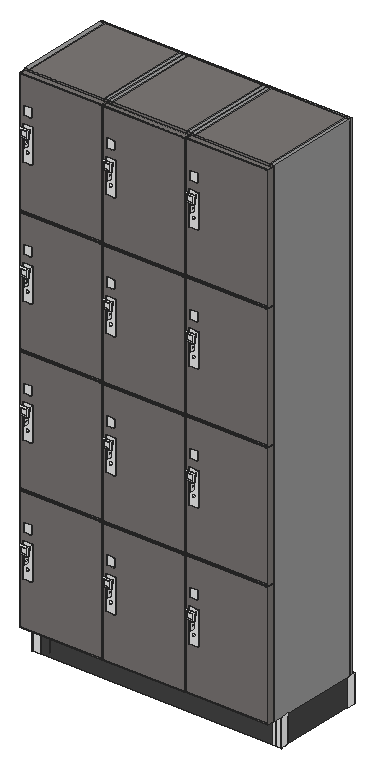
Revit family "Wood_Lockers_Hasps-Salsbury_Industries-44000_Series-3_Wide_Units.rfa", category Specialty Equipment, Revit 2016
Family settings
  Part Type = Normal
  Round Connector Dimension = Use Diameter
  OmniClass Number = 23.40.00.00
  OmniClass Title = Equipment and Furnishings
  Work Plane-Based = No
  Always vertical = Yes
  Cut with Voids When Loaded = No
  Shared = No
  Room Calculation Point = No
Parameters (values of type "44365")
  Width = 36.000"
  Version = "1.0 (01/31/24)"
  Unit Height including Sloping Hood Only [instance] = 77.743"
  Unit Height including Base Only [instance] = 76.000"
  URL = "www.lockers.com"
  Type Comments = "Premier Wood Lockers - Four Tier - with Hasps"
  Total Doors Height [instance] = if(Unit Height = 72.000", 71.750", if(Unit Height = 60.000", 59.750", 0.000"))  # 71.750"
  Sloping Top Corner Filler - Right Side [instance] = Wood Locker Sloping Corner Fillers : None
  Sloping Top Corner Filler - Left Side [instance] = Wood Locker Sloping Corner Fillers : None
  Sloping In-Line Filler - Right Side [instance] = Wood Locker Sloping In-Line Fillers : None
  Sloping In-Line Filler - Left Side [instance] = Wood Locker Sloping In-Line Fillers : None
  Sloping Hood Height = if(Depth = 15.000", 5.743", if(Depth = 18.000", 6.868", if(Depth = 21.000", 7.993", if(Depth = 24.000", 9.118", 0.000"))))  # 5.743"
  Sloping Hood [instance] = Wood Locker Sloping Hoods : None
  Side Panel without Slope - Right Side [instance] = Wood Locker Side Panels-No Slope : None
  Side Panel without Slope - Left Side [instance] = Wood Locker Side Panels-No Slope : None
  Side Panel with Slope - Right Side [instance] = Wood Locker Side Panels-With Slope : None
  Side Panel with Slope - Left Side [instance] = Wood Locker Side Panels-With Slope : None
  Secondary Structure Materials = Particle Board Industrial Grade - Salsbury Finish - Black Melamine Overlay
  Primary Structure Materials = Particle Board Industrial Grade - Salsbury Finish - Plain
  Overall Unit Height including Base and Sloping Hood [instance] = 81.743"
  OmniClass 23 Title = "Equipment and Furnishings"
  OmniClass 23 Number = "23.40.00.00"
  Model = "44365"
  MasterFormat Title = "Lockers"
  MasterFormat Code = "10 51 23"
  Manufacturer = "Salsbury Industries"
  Laminate Surface [instance] = Industrial Grade Particleboard with Wood Laminate - Salsbury Finish - Skyline Walnut
  Unit Height = 72.000"
  Interior Material = Textured Melamine - Salsbury Finish - White
  Individual Door Width [instance] = 11.875"
  Individual Door Height = if(Unit Height = 72.000", 17.796", if(Unit Height = 60.000", 14.796", 0.000"))  # 17.796"
  Hardware = Aluminum - Salsbury Finish - Black Satin
  Front Vertical Filler - Right Side [instance] = Wood Locker Front Fillers : None
  Front Vertical Filler - Left Side [instance] = Wood Locker Front Fillers : None
  Front Corner Filler - Right Side [instance] = Wood Locker Front Corner Filler : None
  Front Corner Filler - Left Side [instance] = Wood Locker Front Corner Filler : None
  Flat Top In-Line Filler - Right Side [instance] = Wood Locker Flat In-Line Fillers : None
  Flat Top In-Line Filler - Left Side [instance] = Wood Locker Flat In-Line Fillers : None
  Flat Top Corner Filler - Right Side [instance] = Wood Locker Flat Corner Fillers : None
  Flat Top Corner Filler - Left Side [instance] = Wood Locker Flat Corner Fillers : None
  Fascia Filler [instance] = Wood Locker Fascia Fillers : None
  Double Side Panel without Slope - Right Side [instance] = Wood Locker Double Side Panels-No Slope : None
  Double Side Panel without Slope - Left Side [instance] = Wood Locker Double Side Panels-No Slope : None
  Double Side Panel with Slope - Right Side [instance] = Wood Locker Double Side Panels-With Slope : None
  Double Side Panel with Slope - Left Side [instance] = Wood Locker Double Side Panels-With Slope : None
  Door Location D1 = Premier Locker Doors_Hasp : Four Tier Door for Six Foot High Locker
  Description = "3 Wide - 6 Feet High - 15 inches Deep - with Base"
  Depth = 15.000"
  Compartment Width [instance] = 10.750"
  Compartment Height [instance] = if(Unit Height = 72.000", 17.063", if(Unit Height = 60.000", 14.063", 0.000"))  # 17.063"
  Compartment Depth [instance] = 13.750"
  Base Material = Particle Board Industrial Grade - Salsbury Finish - Black Melamine Overlay
  Base Height = 4.000"
  Base Depth [instance] = 13.250"
  Base = Wood Locker Bases : Base - 36" W x 15" D Lockers
  Assembly Code = "C1030310"
Reference planes (in)
  plane 1 "Center (Front/Back)": y = 0
  plane 2: z = 0
  plane 3 "Center (Left/Right)": x = 0
  plane 4 "Right Side of Unit": x = 18
  plane 5 "Left Side of Unit": x = -18
  plane 6 "Back of Unit": y = 7.5
  plane 7 "Front of Unit": y = -7.5
  plane 8 "Bottom of Base": z = 0
  plane 9 "Top Edge of Unit": z = 76
  plane 10 "Top of Base Edge": z = 4
  plane 11: z = 81.743
  plane 12 "Right Compartment 3 Edge": x = 17.406
  plane 13 "Left Compartment 1 Edge": x = -17.406
  plane 14 "Front Melamine Edge": y = -6.5
  plane 15 "Back Compartment Edge": y = 7.281
  plane 16 "Front Compartment Edge": y = -6.469
  plane 17 "Front Edge of Base": y = -5.125
  plane 18 "Bottom Edge of Door": z = 4.125
  plane 19 "Top Edge of Door": z = 75.875
  plane 20 "Bottom Compartment Edge": z = 4.75
  plane 21 "Top Compartment Edge": z = 75.25
  plane 22 "Center Top and Bottom": z = 40
  plane 23 "Left Melamine 1 Edge": x = -17.375
  plane 24 "Right Melamine 3 Edge": x = 17.375
  plane 25 "Back Melamine Edge": y = 7.25
  plane 26 "Left Edge of Door": x = -17.875
  plane 27: y = 8.125
  plane 28: y = -5.75
  plane 29 "Base / Ventillation Alignment": y = 8.125
  plane 30 "Compartment 1-2 Dividing Line": x = -6
  plane 31 "Compartment 2-3 Dividing Line": x = 6
  plane 32 "Right Compartment 1 Edge": x = -6.594
  plane 33 "Right Melamine 1 Edge": x = -6.625
  plane 34 "Left Compartment 2 Edge": x = -5.406
  plane 35 "Left Melamine 2 Edge": x = -5.375
  plane 36 "Right Compartment 2 Edge": x = 5.406
  plane 37 "Right Melamine 2 Edge": x = 5.375
  plane 38 "Left Compartment 3 Edge": x = 6.594
  plane 39 "Left Melamine 3 Edge": x = 6.625
  plane 40 "Compartment Shelf 3": z = 22.563
  plane 41: z = 21.813
  plane 42 "Compartment Extrusion Guide": z = 3.5
  plane 43 "Vertical Center of Compartment 1": x = -12
  plane 44 "Vertical Center of Compartment 3": x = 12
  plane 45: z = 21.921
  plane 46: z = 22.109
  plane 47: z = 39.626
  plane 48 "Compartment Shelf 2": z = 40.376
  plane 49: z = 39.905
  plane 50: z = 40.093
  plane 51 "Compartment Shelf 1": z = 58.189
  plane 52: z = 57.439
  plane 53: z = 58.077
  plane 54: z = 57.889
Forms (in)
  Extrusion 1, solid, material "Particle Board Industrial Grade - Salsbury Finish - Plain" <- "Primary Structure Materials"
    sketch origin (18, 0, 0) x (0, -1, 0) y (0, 0, 1)
      loop
        line (6.469, 76) -> (-7.25, 76) -> (-7.25, 4) -> (6.469, 4) -> (6.469, 76)
    from 0 to 0.594
  Extrusion 2, solid, material "Particle Board Industrial Grade - Salsbury Finish - Plain" <- "Primary Structure Materials"
    sketch origin (-18, 0, 0) x (0, -1, 0) y (0, 0, 1)
      loop
        line (-7.25, 76) -> (-7.25, 4) -> (6.469, 4) -> (6.469, 76) -> (-7.25, 76)
    from 0 to -0.594
  Extrusion 3, solid, material "Textured Melamine - Salsbury Finish - White" <- "Interior Material"
    sketch origin (0, 0, 4) x (0, -1, 0) y (1, 0, 0)
      loop
        line (-7.25, -17.375) -> (6.469, -17.375) -> (6.469, 17.375) -> (-7.25, 17.375) -> (-7.25, -17.375)
    from 0 to 0.75
  Extrusion 4, solid, material "Industrial Grade Particleboard with Wood Laminate - Salsbury Finish - Skyline Walnut" <- "Laminate Surface"
    sketch origin (0, 0, 76) x (0, -1, 0) y (1, 0, 0)
      loop
        line (-7.25, -17.375) -> (6.5, -17.375) -> (6.5, 17.375) -> (-7.25, 17.375) -> (-7.25, -17.375)
    from 0 to -0.75
  Extrusion 5, solid, material "Particle Board Industrial Grade - Salsbury Finish - Plain" <- "Primary Structure Materials"
    sketch origin (0, 7.5, 0) x (1, 0, 0) y (0, 0, 1)
      loop
        line (-18, 76) -> (-18, 4) -> (18, 4) -> (18, 76) -> (-18, 76)
    from 0 to 0.219
  Extrusion 6, solid, material "Industrial Grade Particleboard with Wood Laminate - Salsbury Finish - Skyline Walnut" <- "Laminate Surface"
    sketch origin (0, -6.469, 0) x (1, 0, 0) y (0, 0, 1)
      loop
        line (-18, 76) -> (-18, 4) -> (-17.375, 4) -> (-17.375, 76) -> (-18, 76)
    from 0 to 0.031
  Extrusion 7, solid, material "Industrial Grade Particleboard with Wood Laminate - Salsbury Finish - Skyline Walnut" <- "Laminate Surface"
    sketch origin (0, -6.469, 0) x (-1, 0, 0) y (0, 0, -1)
      loop
        line (-18, -76) -> (-17.375, -76) -> (-17.375, -4) -> (-18, -4) -> (-18, -76)
    from 0 to 0.031
  Extrusion 8, solid, material "Textured Melamine - Salsbury Finish - White" <- "Interior Material"
    sketch origin (0, 7.25, 0) x (1, 0, 0) y (0, 0, 1)
      loop
        line (-18, 76) -> (-18, 4) -> (18, 4) -> (18, 76) -> (-18, 76)
    from -0.031 to 0
  Extrusion 9, solid, material "Textured Melamine - Salsbury Finish - White" <- "Interior Material"
    sketch origin (-17.406, 0, 0) x (0, -1, 0) y (0, 0, 1)
      loop
        line (-7.25, 76) -> (-7.25, 4) -> (6.469, 4) -> (6.469, 76) -> (-7.25, 76)
    from 0 to -0.031
  Extrusion 10, solid, material "Textured Melamine - Salsbury Finish - White" <- "Interior Material"
    sketch origin (17.406, 0, 0) x (0, -1, 0) y (0, 0, 1)
      loop
        line (6.469, 76) -> (-7.25, 76) -> (-7.25, 4) -> (6.469, 4) -> (6.469, 76)
    from 0 to 0.031
  Extrusion 11, solid, material "Textured Melamine - Salsbury Finish - White" <- "Interior Material", detail levels fine
    sketch origin (0, 0, 22.563) x (0, -1, 0) y (1, 0, 0)
      loop
        line (-7.25, -17.375) -> (6.469, -17.375) -> (6.469, 17.375) -> (-7.25, 17.375) -> (-7.25, -17.375)
    from 0 to -0.75
  Extrusion 12, void
    sketch origin (0, 0, 76) x (0, -1, 0) y (1, 0, 0)
      loop
        line (-7.25, -6.625) -> (6.5, -6.625) -> (6.5, -5.375) -> (-7.25, -5.375) -> (-7.25, -6.625)
    from -72.5 to 0
  Extrusion 13, void
    sketch origin (12, 0, 76) x (0, -1, 0) y (1, 0, 0)
      loop
        line (-7.25, -6.625) -> (6.5, -6.625) -> (6.5, -5.375) -> (-7.25, -5.375) -> (-7.25, -6.625)
    from -72.5 to 0
  Extrusion 14, solid, material "Particle Board Industrial Grade - Salsbury Finish - Plain" <- "Primary Structure Materials"
    sketch origin (6.0625, 0, 0) x (0, -1, 0) y (0, 0, 1)
      loop
        line (6.469, 76) -> (-7.25, 76) -> (-7.25, 4) -> (6.469, 4) -> (6.469, 76)
    from 0.0625 to 0.6565
  Extrusion 15, solid, material "Textured Melamine - Salsbury Finish - White" <- "Interior Material"
    sketch origin (5.4685, 0, 0) x (0, -1, 0) y (0, 0, 1)
      loop
        line (6.469, 76) -> (-7.25, 76) -> (-7.25, 4) -> (6.469, 4) -> (6.469, 76)
    from 0.0625 to 0.0935
  Extrusion 16, solid, material "Particle Board Industrial Grade - Salsbury Finish - Plain" <- "Primary Structure Materials"
    sketch origin (-5.9375, 0, 0) x (0, -1, 0) y (0, 0, 1)
      loop
        line (6.469, 76) -> (-7.25, 76) -> (-7.25, 4) -> (6.469, 4) -> (6.469, 76)
    from 0.0625 to 0.6565
  Extrusion 17, solid, material "Textured Melamine - Salsbury Finish - White" <- "Interior Material"
    sketch origin (-6.5315, 0, 0) x (0, -1, 0) y (0, 0, 1)
      loop
        line (6.469, 76) -> (-7.25, 76) -> (-7.25, 4) -> (6.469, 4) -> (6.469, 76)
    from 0.0625 to 0.0935
  Extrusion 18, solid, material "Particle Board Industrial Grade - Salsbury Finish - Plain" <- "Primary Structure Materials"
    sketch origin (-5.9375, 0, 0) x (0, -1, 0) y (0, 0, 1)
      loop
        line (-7.25, 76) -> (-7.25, 4) -> (6.469, 4) -> (6.469, 76) -> (-7.25, 76)
    from 0.0625 to -0.5315
  Extrusion 19, solid, material "Textured Melamine - Salsbury Finish - White" <- "Interior Material"
    sketch origin (-5.3435, 0, 0) x (0, -1, 0) y (0, 0, 1)
      loop
        line (-7.25, 76) -> (-7.25, 4) -> (6.469, 4) -> (6.469, 76) -> (-7.25, 76)
    from 0.0625 to 0.0315
  Extrusion 20, solid, material "Particle Board Industrial Grade - Salsbury Finish - Plain" <- "Primary Structure Materials"
    sketch origin (6.0625, 0, 0) x (0, -1, 0) y (0, 0, 1)
      loop
        line (-7.25, 76) -> (-7.25, 4) -> (6.469, 4) -> (6.469, 76) -> (-7.25, 76)
    from 0.0625 to -0.5315
  Extrusion 21, solid, material "Textured Melamine - Salsbury Finish - White" <- "Interior Material"
    sketch origin (6.6565, 0, 0) x (0, -1, 0) y (0, 0, 1)
      loop
        line (-7.25, 76) -> (-7.25, 4) -> (6.469, 4) -> (6.469, 76) -> (-7.25, 76)
    from 0.0625 to 0.0315
  Extrusion 22, solid, material "Industrial Grade Particleboard with Wood Laminate - Salsbury Finish - Skyline Walnut" <- "Laminate Surface"
    sketch origin (11.375, -6.469, 0) x (1, 0, 0) y (0, 0, 1)
      loop
        line (-18, 76) -> (-18, 4) -> (-16.75, 4) -> (-16.75, 76) -> (-18, 76)
    from 0 to 0.031
  Extrusion 23, solid, material "Industrial Grade Particleboard with Wood Laminate - Salsbury Finish - Skyline Walnut" <- "Laminate Surface"
    sketch origin (23.375, -6.469, 0) x (1, 0, 0) y (0, 0, 1)
      loop
        line (-18, 76) -> (-18, 4) -> (-16.75, 4) -> (-16.75, 76) -> (-18, 76)
    from 0 to 0.031
  Extrusion 24, solid, material "Textured Melamine - Salsbury Finish - White" <- "Interior Material", detail levels fine
    sketch origin (0, 0, 40.376) x (0, -1, 0) y (1, 0, 0)
      loop
        line (-7.25, -17.375) -> (6.469, -17.375) -> (6.469, 17.375) -> (-7.25, 17.375) -> (-7.25, -17.375)
    from 0 to -0.75
  Extrusion 25, solid, material "Textured Melamine - Salsbury Finish - White" <- "Interior Material", detail levels fine
    sketch origin (0, 0, 58.189) x (0, -1, 0) y (1, 0, 0)
      loop
        line (-7.25, -17.375) -> (6.469, -17.375) -> (6.469, 17.375) -> (-7.25, 17.375) -> (-7.25, -17.375)
    from 0 to -0.75
  Extrusion 26, solid, material "Industrial Grade Particleboard with Wood Laminate - Salsbury Finish - Skyline Walnut" <- "Laminate Surface"
    sketch origin (0, -6.5, 0) x (1, 0, 0) y (0, 0, 1)
      loop
        line (-17.375, 58.189) -> (-17.375, 57.439) -> (17.375, 57.439) -> (17.375, 58.189) -> (-17.375, 58.189)
    from 0 to -0.031
  Extrusion 27, solid, material "Industrial Grade Particleboard with Wood Laminate - Salsbury Finish - Skyline Walnut" <- "Laminate Surface"
    sketch origin (0, -6.5, 0) x (1, 0, 0) y (0, 0, 1)
      loop
        line (-17.375, 40.376) -> (-17.375, 39.626) -> (17.375, 39.626) -> (17.375, 40.376) -> (-17.375, 40.376)
    from 0 to -0.031
  Extrusion 28, solid, material "Industrial Grade Particleboard with Wood Laminate - Salsbury Finish - Skyline Walnut" <- "Laminate Surface"
    sketch origin (0, -6.5, 0) x (1, 0, 0) y (0, 0, 1)
      loop
        line (-17.375, 22.563) -> (-17.375, 21.813) -> (17.375, 21.813) -> (17.375, 22.563) -> (-17.375, 22.563)
    from 0 to -0.031
  Extrusion 29, solid, material "Industrial Grade Particleboard with Wood Laminate - Salsbury Finish - Skyline Walnut" <- "Laminate Surface"
    sketch origin (0, -6.5, 0) x (1, 0, 0) y (0, 0, 1)
      loop
        line (-17.375, 4.75) -> (-17.375, 4) -> (17.375, 4) -> (17.375, 4.75) -> (-17.375, 4.75)
    from 0 to -0.031
Cuts and joins
  Extrusion 12, Extrusion 13 cuts Extrusion 4
  Extrusion 12, Extrusion 13 cuts Extrusion 11
  Extrusion 12, Extrusion 13 cuts Extrusion 3
  Extrusion 13 cuts Extrusion 8
  Extrusion 12, Extrusion 13 cuts Extrusion 24
  Extrusion 12, Extrusion 13 cuts Extrusion 25
Lines and regions (in)
  symbolic lines
    curve 1: line (-18, 7.25, 76) -> (18.00006, 7.25, 76)
    curve 2: line (-18, 7.25, 0) -> (-18, 7.25, 76)
    curve 3: line (18.00006, 7.25, 76) -> (18.00006, 7.25, 0)
    curve 4: line (17.406, -6.5, 76) -> (17.406, 8.125, 76)
    curve 5: line (17.406, -6.5, 0) -> (17.406, -6.5, 76)
    curve 6: line (17.406, 8.125, 76) -> (17.406, 8.125, 0)
    curve 7: line (18.00006, 7.25, 0) -> (-18, 7.25, 0)
    curve 8: line (17.406, -5.125, 0) -> (17.406, 8.125, 0)
    curve 9: line (17.406, 8.125, 0) -> (17.406, -5.125, 0)
    curve 10: line (17.406, -6.5, 0) -> (17.406, 8.125, 0)
    curve 11: line (-18, 8.125, 0) -> (18, 8.125, 0)
    curve 12: line (-18, -6.5, 0) -> (-18, 8.125, 0)
    curve 13: line (18, -6.5, 0) -> (-18, -6.5, 0)
    curve 14: line (18, 8.125, 0) -> (18, -6.5, 0)
Dimensions and locks (in)
  equal spacing: plane 5 "Left Side of Unit", plane 43 "Vertical Center of Compartment 1", plane 30 "Compartment 1-2 Dividing Line", plane 3 "Center (Left/Right)", plane 31 "Compartment 2-3 Dividing Line", plane 44 "Vertical Center of Compartment 3", plane 4 "Right Side of Unit"
  "Width": plane 5 "Left Side of Unit" to plane 4 "Right Side of Unit"
  equal spacing: plane 7 "Front of Unit", plane 1 "Center (Front/Back)", plane 6 "Back of Unit"
  "Depth": plane 7 "Front of Unit" to plane 6 "Back of Unit"
  "Base Height": plane 10 "Top of Base Edge" to plane 8 "Bottom of Base"
  "Unit Height": plane 9 "Top Edge of Unit" to plane 10 "Top of Base Edge"
  "Sloping Hood Height": plane 11 to plane 9 "Top Edge of Unit"
  locked: plane 12 "Right Compartment 3 Edge" to plane 4 "Right Side of Unit" at 0.594
  locked: plane 5 "Left Side of Unit" to plane 13 "Left Compartment 1 Edge" at 0.594
  locked: plane 7 "Front of Unit" to plane 14 "Front Melamine Edge" at 1
  locked: plane 15 "Back Compartment Edge" to plane 6 "Back of Unit" at 0.219
  locked: plane 14 "Front Melamine Edge" to plane 16 "Front Compartment Edge" at 0.031
  plane 18 "Bottom Edge of Door" to plane 10 "Top of Base Edge" = 0.125"
  plane 9 "Top Edge of Unit" to plane 19 "Top Edge of Door" = 0.125"
  plane 20 "Bottom Compartment Edge" to plane 10 "Top of Base Edge" = 0.750"
  plane 9 "Top Edge of Unit" to plane 21 "Top Compartment Edge" = 0.750"
  equal spacing: plane 9 "Top Edge of Unit", plane 22 "Center Top and Bottom", plane 10 "Top of Base Edge"
  locked: plane 24 "Right Melamine 3 Edge" to plane 12 "Right Compartment 3 Edge" at 0.031
  locked: plane 13 "Left Compartment 1 Edge" to plane 23 "Left Melamine 1 Edge" at 0.031
  locked: plane 25 "Back Melamine Edge" to plane 15 "Back Compartment Edge" at 0.031
  locked: plane 5 "Left Side of Unit" to plane 26 "Left Edge of Door" at 0.125
  "Individual Door Width": plane 26 "Left Edge of Door" to plane 30 "Compartment 1-2 Dividing Line"
  "Total Doors Height": plane 19 "Top Edge of Door" to plane 18 "Bottom Edge of Door"
  "Unit Height including Base Only": plane 9 "Top Edge of Unit" to plane 8 "Bottom of Base"
  "Unit Height including Sloping Hood Only": plane 11 to plane 10 "Top of Base Edge"
  "Overall Unit Height including Base and Sloping Hood": plane 11 to plane 8 "Bottom of Base"
  locked: plane 7 "Front of Unit" to plane 17 "Front Edge of Base" at 2.375
  locked: plane 6 "Back of Unit" to plane 27 at 0.625
  "Base Depth": plane 17 "Front Edge of Base" to plane 27
  "Compartment Width": plane 23 "Left Melamine 1 Edge" to plane 33 "Right Melamine 1 Edge"
  "Compartment Height": plane 41 to plane 20 "Bottom Compartment Edge"
  "Compartment Depth": plane 14 "Front Melamine Edge" to plane 25 "Back Melamine Edge"
  locked: plane 14 "Front Melamine Edge" to plane 28 at 0.75
  plane 14 "Front Melamine Edge" to plane 27 = 14.625"
  Extrusion 2 to Extrusion 9 = 13.719"
  plane 6 "Back of Unit" to plane 29 "Base / Ventillation Alignment" = 0.625"
  plane 32 "Right Compartment 1 Edge" to plane 30 "Compartment 1-2 Dividing Line" to plane 34 "Left Compartment 2 Edge" = 0.594" locked, 0.594" locked
  plane 36 "Right Compartment 2 Edge" to plane 31 "Compartment 2-3 Dividing Line" to plane 38 "Left Compartment 3 Edge" = 0.594" locked, 0.594" locked
  locked: plane 37 "Right Melamine 2 Edge" to plane 36 "Right Compartment 2 Edge" at 0.031
  locked: plane 38 "Left Compartment 3 Edge" to plane 39 "Left Melamine 3 Edge" at 0.031
  locked: plane 34 "Left Compartment 2 Edge" to plane 35 "Left Melamine 2 Edge" at 0.031
  locked: plane 33 "Right Melamine 1 Edge" to plane 32 "Right Compartment 1 Edge" at 0.031
  locked: plane 40 "Compartment Shelf 3" to plane 41 at 0.75
  locked: plane 10 "Top of Base Edge" to plane 42 "Compartment Extrusion Guide" at 0.5
  locked: plane 46 to plane 45 at 0.188
  "Individual Door Height": plane 45 to plane 18 "Bottom Edge of Door"
  locked: plane 48 "Compartment Shelf 2" to plane 47 at 0.75
  locked: plane 50 to plane 49 at 0.188
  "Individual Door Height": plane 49 to plane 46
  "Compartment Height": plane 47 to plane 40 "Compartment Shelf 3"
  locked: plane 53 to plane 54 at 0.188
  locked: plane 51 "Compartment Shelf 1" to plane 52 at 0.75
  "Individual Door Height": plane 54 to plane 50
  "Compartment Height": plane 52 to plane 48 "Compartment Shelf 2"
  aligned and locked: level to plane 2
  aligned and locked: plane 15 "Back Compartment Edge" to Extrusion 5
  aligned and locked: plane 4 "Right Side of Unit" to nested 1
  aligned and locked: plane 18 "Bottom Edge of Door" to nested 1
  aligned and locked: plane 7 "Front of Unit" to nested 1
  aligned and locked: plane 5 "Left Side of Unit" to nested 2
  aligned and locked: nested 2 to plane 14 "Front Melamine Edge"
  aligned and locked: plane 9 "Top Edge of Unit" to nested 2
  aligned and locked: plane 4 "Right Side of Unit" to nested 3
  aligned and locked: nested 3 to plane 9 "Top Edge of Unit"
  aligned and locked: nested 3 to plane 14 "Front Melamine Edge"
  aligned and locked: plane 9 "Top Edge of Unit" to nested 4
  aligned and locked: plane 28 to nested 4
  aligned and locked: nested 5 to plane 28
  aligned and locked: plane 5 "Left Side of Unit" to nested 5
  aligned and locked: plane 4 "Right Side of Unit" to nested 4
  aligned and locked: nested 5 to plane 9 "Top Edge of Unit"
  aligned and locked: nested 7 to plane 5 "Left Side of Unit"
  aligned and locked: nested 6 to plane 4 "Right Side of Unit"
  aligned and locked: plane 14 "Front Melamine Edge" to nested 6
  aligned and locked: nested 7 to plane 14 "Front Melamine Edge"
  aligned and locked: plane 10 "Top of Base Edge" to nested 6
  aligned and locked: nested 7 to plane 10 "Top of Base Edge"
  aligned and locked: plane 5 "Left Side of Unit" to nested 8
  aligned and locked: plane 4 "Right Side of Unit" to nested 9
  aligned and locked: nested 9 to plane 10 "Top of Base Edge"
  aligned and locked: plane 10 "Top of Base Edge" to nested 8
  aligned and locked: plane 16 "Front Compartment Edge" to nested 9
  aligned and locked: nested 8 to plane 14 "Front Melamine Edge"
  aligned and locked: plane 4 "Right Side of Unit" to nested 10
  aligned and locked: nested 10 to plane 10 "Top of Base Edge"
  aligned and locked: plane 14 "Front Melamine Edge" to nested 10
  aligned and locked: plane 14 "Front Melamine Edge" to nested 11
  aligned and locked: nested 11 to nested 3
  aligned and locked: plane 10 "Top of Base Edge" to nested 11
  aligned and locked: nested 12 to plane 5 "Left Side of Unit"
  aligned and locked: nested 12 to plane 14 "Front Melamine Edge"
  aligned and locked: nested 12 to plane 10 "Top of Base Edge"
  aligned and locked: plane 14 "Front Melamine Edge" to nested 13
  aligned and locked: nested 13 to plane 4 "Right Side of Unit"
  aligned and locked: nested 14 to plane 14 "Front Melamine Edge"
  aligned and locked: nested 14 to plane 5 "Left Side of Unit"
  aligned and locked: plane 10 "Top of Base Edge" to nested 13
  aligned and locked: nested 14 to plane 10 "Top of Base Edge"
  aligned and locked: plane 14 "Front Melamine Edge" to nested 15
  aligned and locked: plane 4 "Right Side of Unit" to nested 15
  aligned and locked: nested 16 to plane 14 "Front Melamine Edge"
  aligned and locked: plane 5 "Left Side of Unit" to nested 16
  aligned and locked: nested 15 to plane 8 "Bottom of Base"
  aligned and locked: nested 16 to plane 8 "Bottom of Base"
  aligned and locked: nested 17 to plane 5 "Left Side of Unit"
  aligned and locked: nested 18 to plane 4 "Right Side of Unit"
  aligned and locked: nested 18 to plane 14 "Front Melamine Edge"
  aligned and locked: nested 17 to plane 14 "Front Melamine Edge"
  aligned and locked: plane 8 "Bottom of Base" to nested 18
  aligned and locked: nested 17 to plane 8 "Bottom of Base"
  aligned and locked: plane 17 "Front Edge of Base" to nested 19
  aligned and locked: nested 20 to plane 9 "Top Edge of Unit"
  aligned and locked: plane 5 "Left Side of Unit" to nested 20
  aligned and locked: nested 21 to plane 9 "Top Edge of Unit"
  aligned and locked: plane 4 "Right Side of Unit" to nested 21
  aligned and locked: nested 21 to plane 14 "Front Melamine Edge"
  aligned and locked: nested 20 to plane 14 "Front Melamine Edge"
  aligned and locked: nested 23 to plane 9 "Top Edge of Unit"
  aligned and locked: plane 4 "Right Side of Unit" to nested 23
  aligned and locked: nested 22 to plane 9 "Top Edge of Unit"
  aligned and locked: plane 5 "Left Side of Unit" to nested 22
  aligned and locked: nested 23 to plane 28
  aligned and locked: nested 22 to plane 28
  aligned and locked: plane 8 "Bottom of Base" to nested 19
  aligned and locked: plane 3 "Center (Left/Right)" to nested 19
  aligned and locked: plane 25 "Back Melamine Edge" to Extrusion 3 sketch curve
  aligned and locked: Extrusion 3 sketch curve to plane 23 "Left Melamine 1 Edge"
  aligned and locked: plane 24 "Right Melamine 3 Edge" to Extrusion 3 sketch curve
  aligned and locked: plane 25 "Back Melamine Edge" to Extrusion 4 sketch curve
  aligned and locked: plane 24 "Right Melamine 3 Edge" to Extrusion 4 sketch curve
  aligned and locked: Extrusion 4 sketch curve to plane 23 "Left Melamine 1 Edge"
  aligned and locked: Extrusion 4 sketch curve to plane 14 "Front Melamine Edge"
  aligned and locked: Extrusion 4 to plane 9 "Top Edge of Unit"
  aligned and locked: plane 21 "Top Compartment Edge" to Extrusion 4
  aligned and locked: Extrusion 2 sketch curve to plane 9 "Top Edge of Unit"
  aligned and locked: plane 16 "Front Compartment Edge" to Extrusion 2 sketch curve
  aligned and locked: Extrusion 2 sketch curve to plane 25 "Back Melamine Edge"
  aligned and locked: plane 10 "Top of Base Edge" to Extrusion 2 sketch curve
  aligned and locked: Extrusion 2 to plane 13 "Left Compartment 1 Edge"
  aligned and locked: plane 5 "Left Side of Unit" to Extrusion 2
  aligned and locked: plane 10 "Top of Base Edge" to Extrusion 9 sketch curve
  aligned and locked: Extrusion 9 sketch curve to plane 25 "Back Melamine Edge"
  aligned and locked: Extrusion 9 sketch curve to plane 9 "Top Edge of Unit"
  aligned and locked: Extrusion 1 sketch curve to plane 16 "Front Compartment Edge"
  aligned and locked: plane 9 "Top Edge of Unit" to Extrusion 1 sketch curve
  aligned and locked: Extrusion 1 sketch curve to plane 10 "Top of Base Edge"
  aligned and locked: plane 25 "Back Melamine Edge" to Extrusion 1 sketch curve
  aligned and locked: Extrusion 1 to plane 4 "Right Side of Unit"
  aligned and locked: plane 12 "Right Compartment 3 Edge" to Extrusion 1
  aligned and locked: Extrusion 10 sketch curve to plane 10 "Top of Base Edge"
  aligned and locked: plane 25 "Back Melamine Edge" to Extrusion 10 sketch curve
  aligned and locked: Extrusion 10 sketch curve to plane 16 "Front Compartment Edge"
  aligned and locked: plane 9 "Top Edge of Unit" to Extrusion 10 sketch curve
  aligned and locked: Extrusion 10 to plane 12 "Right Compartment 3 Edge"
  aligned and locked: plane 24 "Right Melamine 3 Edge" to Extrusion 10
  aligned and locked: Extrusion 8 sketch curve to plane 10 "Top of Base Edge"
  aligned and locked: plane 4 "Right Side of Unit" to Extrusion 8 sketch curve
  aligned and locked: plane 9 "Top Edge of Unit" to Extrusion 8 sketch curve
  aligned and locked: Extrusion 8 sketch curve to plane 5 "Left Side of Unit"
  aligned and locked: Extrusion 8 to plane 15 "Back Compartment Edge"
  aligned and locked: plane 25 "Back Melamine Edge" to Extrusion 8
  aligned and locked: plane 9 "Top Edge of Unit" to Extrusion 5 sketch curve
  aligned and locked: Extrusion 5 sketch curve to plane 5 "Left Side of Unit"
  aligned and locked: Extrusion 5 sketch curve to plane 10 "Top of Base Edge"
  aligned and locked: plane 4 "Right Side of Unit" to Extrusion 5 sketch curve
  aligned and locked: Extrusion 7 sketch curve to plane 9 "Top Edge of Unit"
  aligned and locked: Extrusion 7 sketch curve to plane 4 "Right Side of Unit"
  aligned and locked: plane 24 "Right Melamine 3 Edge" to Extrusion 7 sketch curve
  aligned and locked: plane 10 "Top of Base Edge" to Extrusion 7 sketch curve
  aligned and locked: Extrusion 7 to plane 16 "Front Compartment Edge"
  aligned and locked: plane 14 "Front Melamine Edge" to Extrusion 7
  aligned and locked: Extrusion 6 sketch curve to plane 10 "Top of Base Edge"
  aligned and locked: plane 23 "Left Melamine 1 Edge" to Extrusion 6 sketch curve
  aligned and locked: Extrusion 6 sketch curve to plane 5 "Left Side of Unit"
  aligned and locked: plane 9 "Top Edge of Unit" to Extrusion 6 sketch curve
  aligned and locked: Extrusion 6 to plane 16 "Front Compartment Edge"
  aligned and locked: plane 14 "Front Melamine Edge" to Extrusion 6
  aligned and locked: plane 16 "Front Compartment Edge" to Extrusion 9
  aligned and locked: plane 13 "Left Compartment 1 Edge" to Extrusion 9
  aligned and locked: nested 2 to curve 1
  aligned and locked: curve 2 to nested 16
  aligned and locked: nested 15 to curve 5
  aligned and locked: curve 9 to nested 19
  aligned and locked: curve 10 to nested 15
  aligned and locked: curve 13 to plane 14 "Front Melamine Edge"
  aligned and locked: curve 12 to plane 5 "Left Side of Unit"
  aligned and locked: plane 29 "Base / Ventillation Alignment" to curve 11
  aligned and locked: plane 29 "Base / Ventillation Alignment" to curve 6
  aligned and locked: plane 14 "Front Melamine Edge" to nested 24
  aligned and locked: plane 9 "Top Edge of Unit" to nested 24
  aligned and locked: plane 3 "Center (Left/Right)" to nested 24
  aligned and locked: plane 14 "Front Melamine Edge" to nested 25
  aligned and locked: plane 3 "Center (Left/Right)" to nested 25
  aligned and locked: plane 9 "Top Edge of Unit" to nested 25
  aligned and locked: plane 25 "Back Melamine Edge" to Extrusion 11 sketch curve
  aligned and locked: Extrusion 11 sketch curve to plane 23 "Left Melamine 1 Edge"
  aligned and locked: plane 24 "Right Melamine 3 Edge" to Extrusion 11 sketch curve
  aligned and locked: Extrusion 12 sketch curve to plane 25 "Back Melamine Edge"
  aligned and locked: plane 33 "Right Melamine 1 Edge" to Extrusion 12 sketch curve
  aligned and locked: plane 14 "Front Melamine Edge" to Extrusion 12 sketch curve
  aligned and locked: Extrusion 12 sketch curve to plane 35 "Left Melamine 2 Edge"
  aligned and locked: Extrusion 12 to plane 9 "Top Edge of Unit"
  aligned and locked: plane 42 "Compartment Extrusion Guide" to Extrusion 12
  aligned and locked: Extrusion 13 sketch curve to plane 37 "Right Melamine 2 Edge"
  aligned and locked: plane 39 "Left Melamine 3 Edge" to Extrusion 13 sketch curve
  aligned and locked: plane 25 "Back Melamine Edge" to Extrusion 13 sketch curve
  aligned and locked: Extrusion 13 sketch curve to plane 14 "Front Melamine Edge"
  aligned and locked: plane 42 "Compartment Extrusion Guide" to Extrusion 13
  aligned and locked: Extrusion 13 to plane 9 "Top Edge of Unit"
  aligned and locked: plane 9 "Top Edge of Unit" to Extrusion 14 sketch curve
  aligned and locked: plane 25 "Back Melamine Edge" to Extrusion 14 sketch curve
  aligned and locked: Extrusion 14 sketch curve to plane 10 "Top of Base Edge"
  aligned and locked: Extrusion 14 sketch curve to plane 16 "Front Compartment Edge"
  aligned and locked: plane 36 "Right Compartment 2 Edge" to Extrusion 14
  aligned and locked: Extrusion 14 to plane 31 "Compartment 2-3 Dividing Line"
  aligned and locked: plane 25 "Back Melamine Edge" to Extrusion 15 sketch curve
  aligned and locked: plane 9 "Top Edge of Unit" to Extrusion 15 sketch curve
  aligned and locked: Extrusion 15 sketch curve to plane 10 "Top of Base Edge"
  aligned and locked: Extrusion 15 sketch curve to plane 16 "Front Compartment Edge"
  aligned and locked: Extrusion 15 to plane 36 "Right Compartment 2 Edge"
  aligned and locked: plane 37 "Right Melamine 2 Edge" to Extrusion 15
  aligned and locked: plane 25 "Back Melamine Edge" to Extrusion 16 sketch curve
  aligned and locked: plane 9 "Top Edge of Unit" to Extrusion 16 sketch curve
  aligned and locked: Extrusion 16 sketch curve to plane 10 "Top of Base Edge"
  aligned and locked: Extrusion 16 sketch curve to plane 16 "Front Compartment Edge"
  aligned and locked: plane 32 "Right Compartment 1 Edge" to Extrusion 16
  aligned and locked: Extrusion 16 to plane 30 "Compartment 1-2 Dividing Line"
  aligned and locked: plane 25 "Back Melamine Edge" to Extrusion 17 sketch curve
  aligned and locked: plane 9 "Top Edge of Unit" to Extrusion 17 sketch curve
  aligned and locked: Extrusion 17 sketch curve to plane 10 "Top of Base Edge"
  aligned and locked: Extrusion 17 sketch curve to plane 16 "Front Compartment Edge"
  aligned and locked: Extrusion 17 to plane 32 "Right Compartment 1 Edge"
  aligned and locked: plane 33 "Right Melamine 1 Edge" to Extrusion 17
  aligned and locked: plane 10 "Top of Base Edge" to Extrusion 18 sketch curve
  aligned and locked: plane 16 "Front Compartment Edge" to Extrusion 18 sketch curve
  aligned and locked: Extrusion 18 sketch curve to plane 25 "Back Melamine Edge"
  aligned and locked: Extrusion 18 sketch curve to plane 9 "Top Edge of Unit"
  aligned and locked: Extrusion 18 to plane 34 "Left Compartment 2 Edge"
  aligned and locked: plane 30 "Compartment 1-2 Dividing Line" to Extrusion 18
  aligned and locked: Extrusion 19 sketch curve to plane 25 "Back Melamine Edge"
  aligned and locked: Extrusion 19 sketch curve to plane 9 "Top Edge of Unit"
  aligned and locked: plane 10 "Top of Base Edge" to Extrusion 19 sketch curve
  aligned and locked: plane 16 "Front Compartment Edge" to Extrusion 19 sketch curve
  aligned and locked: Extrusion 19 to plane 35 "Left Melamine 2 Edge"
  aligned and locked: plane 34 "Left Compartment 2 Edge" to Extrusion 19
  aligned and locked: plane 16 "Front Compartment Edge" to Extrusion 20 sketch curve
  aligned and locked: plane 10 "Top of Base Edge" to Extrusion 20 sketch curve
  aligned and locked: Extrusion 20 sketch curve to plane 9 "Top Edge of Unit"
  aligned and locked: Extrusion 20 sketch curve to plane 25 "Back Melamine Edge"
  aligned and locked: plane 31 "Compartment 2-3 Dividing Line" to Extrusion 20
  aligned and locked: Extrusion 20 to plane 38 "Left Compartment 3 Edge"
  aligned and locked: Extrusion 21 sketch curve to plane 25 "Back Melamine Edge"
  aligned and locked: Extrusion 21 sketch curve to plane 9 "Top Edge of Unit"
  aligned and locked: plane 10 "Top of Base Edge" to Extrusion 21 sketch curve
  aligned and locked: plane 16 "Front Compartment Edge" to Extrusion 21 sketch curve
  aligned and locked: Extrusion 21 to plane 39 "Left Melamine 3 Edge"
  aligned and locked: plane 38 "Left Compartment 3 Edge" to Extrusion 21
  aligned and locked: plane 31 "Compartment 2-3 Dividing Line" to nested 26
  aligned and locked: plane 30 "Compartment 1-2 Dividing Line" to nested 27
  aligned and locked: plane 18 "Bottom Edge of Door" to nested 26
  aligned and locked: plane 18 "Bottom Edge of Door" to nested 27
  aligned and locked: plane 7 "Front of Unit" to nested 26
  aligned and locked: plane 7 "Front of Unit" to nested 27
  aligned and locked: Extrusion 22 sketch curve to plane 33 "Right Melamine 1 Edge"
  aligned and locked: plane 9 "Top Edge of Unit" to Extrusion 22 sketch curve
  aligned and locked: plane 35 "Left Melamine 2 Edge" to Extrusion 22 sketch curve
  aligned and locked: Extrusion 22 sketch curve to plane 10 "Top of Base Edge"
  aligned and locked: Extrusion 22 to plane 16 "Front Compartment Edge"
  aligned and locked: plane 14 "Front Melamine Edge" to Extrusion 22
  aligned and locked: plane 9 "Top Edge of Unit" to Extrusion 23 sketch curve
  aligned and locked: Extrusion 23 sketch curve to plane 37 "Right Melamine 2 Edge"
  aligned and locked: plane 39 "Left Melamine 3 Edge" to Extrusion 23 sketch curve
  aligned and locked: Extrusion 23 sketch curve to plane 10 "Top of Base Edge"
  aligned and locked: Extrusion 23 to plane 16 "Front Compartment Edge"
  aligned and locked: plane 14 "Front Melamine Edge" to Extrusion 23
  aligned and locked: plane 46 to nested 30
  aligned and locked: plane 46 to nested 29
  aligned and locked: plane 30 "Compartment 1-2 Dividing Line" to nested 30
  aligned and locked: plane 31 "Compartment 2-3 Dividing Line" to nested 29
  aligned and locked: plane 46 to nested 28
  aligned and locked: plane 4 "Right Side of Unit" to nested 28
  aligned and locked: plane 7 "Front of Unit" to nested 28
  aligned and locked: plane 7 "Front of Unit" to nested 29
  aligned and locked: plane 7 "Front of Unit" to nested 30
  aligned and locked: plane 25 "Back Melamine Edge" to Extrusion 24 sketch curve
  aligned and locked: plane 24 "Right Melamine 3 Edge" to Extrusion 24 sketch curve
  aligned and locked: Extrusion 24 sketch curve to plane 23 "Left Melamine 1 Edge"
  aligned and locked: plane 7 "Front of Unit" to nested 31
  aligned and locked: plane 7 "Front of Unit" to nested 32
  aligned and locked: plane 7 "Front of Unit" to nested 33
  aligned and locked: plane 50 to nested 31
  aligned and locked: plane 50 to nested 32
  aligned and locked: plane 50 to nested 33
  aligned and locked: plane 4 "Right Side of Unit" to nested 31
  aligned and locked: plane 31 "Compartment 2-3 Dividing Line" to nested 32
  aligned and locked: plane 30 "Compartment 1-2 Dividing Line" to nested 33
  aligned and locked: Extrusion 25 sketch curve to plane 23 "Left Melamine 1 Edge"
  aligned and locked: plane 25 "Back Melamine Edge" to Extrusion 25 sketch curve
  aligned and locked: plane 24 "Right Melamine 3 Edge" to Extrusion 25 sketch curve
  aligned and locked: plane 7 "Front of Unit" to nested 34
  aligned and locked: plane 7 "Front of Unit" to nested 35
  aligned and locked: plane 7 "Front of Unit" to nested 36
  aligned and locked: plane 4 "Right Side of Unit" to nested 34
  aligned and locked: plane 53 to nested 34
  aligned and locked: plane 31 "Compartment 2-3 Dividing Line" to nested 35
  aligned and locked: plane 53 to nested 35
  aligned and locked: plane 30 "Compartment 1-2 Dividing Line" to nested 36
  aligned and locked: plane 53 to nested 36
  aligned and locked: plane 16 "Front Compartment Edge" to Extrusion 25
  aligned and locked: plane 16 "Front Compartment Edge" to Extrusion 24
  aligned and locked: plane 16 "Front Compartment Edge" to Extrusion 11
  aligned and locked: plane 16 "Front Compartment Edge" to Extrusion 3
  aligned and locked: Extrusion 26 sketch curve to cut or joined group of Extrusion 12, Extrusion 13, Extrusion 25  (x4)
  aligned and locked: plane 14 "Front Melamine Edge" to Extrusion 26
  aligned and locked: Extrusion 26 to plane 16 "Front Compartment Edge"
  aligned and locked: Extrusion 27 sketch curve to cut or joined group of Extrusion 12, Extrusion 13, Extrusion 24  (x4)
  aligned and locked: plane 14 "Front Melamine Edge" to Extrusion 27
  aligned and locked: Extrusion 27 to plane 16 "Front Compartment Edge"
  aligned and locked: Extrusion 28 sketch curve to cut or joined group of Extrusion 11, Extrusion 12, Extrusion 13  (x4)
  aligned and locked: plane 14 "Front Melamine Edge" to Extrusion 28
  aligned and locked: Extrusion 28 to plane 16 "Front Compartment Edge"
  aligned and locked: Extrusion 29 sketch curve to cut or joined group of Extrusion 3, Extrusion 12, Extrusion 13  (x3)
  aligned and locked: Extrusion 7 to Extrusion 29 sketch curve
  aligned and locked: plane 14 "Front Melamine Edge" to Extrusion 29
  aligned and locked: Extrusion 29 to plane 16 "Front Compartment Edge"
Automatic sketch dimensions
  Extrusion 9 sketch curve to plane 16 "Front Compartment Edge" = 0.000"
  curve 3 to level = 0.000"
  curve 3 to plane 4 "Right Side of Unit" = 0.00006"
  curve 8 to plane 17 "Front Edge of Base" = 0.000"
  curve 9 to plane 17 "Front Edge of Base" = 0.000"
  plane 9 "Top Edge of Unit" to curve 5 = 0.000"
  curve 13 to plane 4 "Right Side of Unit" = 0.000"
  Extrusion 25 sketch curve to plane 14 "Front Melamine Edge" = 0.031"
  Extrusion 24 sketch curve to plane 14 "Front Melamine Edge" = 0.031"
  Extrusion 11 sketch curve to plane 14 "Front Melamine Edge" = 0.031"
  Extrusion 3 sketch curve to plane 14 "Front Melamine Edge" = 0.031"
Nested families (in)
  nested 1: "Premier Locker Doors_Hasp" at (12.0625, -7.125, 4.125), type <- "Door Location D1", type "Four Tier Door for Six Foot High Locker"
  nested 2: "Wood Locker Sloping Corner Fillers" at (-27.25, 0.5, 76), type <- "Sloping Top Corner Filler - Left Side", type "None"
  nested 3: "Wood Locker Sloping Corner Fillers" at (27.25, 0.5, 76) x (-1, 0, 0) z (0, 0, 1), type <- "Sloping Top Corner Filler - Right Side", type "None"
  nested 4: "Wood Locker Flat Corner Fillers" at (25.5, -2.125, 75.25), type <- "Flat Top Corner Filler - Right Side", type "None"
  nested 5: "Wood Locker Flat Corner Fillers" at (-25.5, -2.125, 75.25) x (-1, 0, 0) z (0, 0, 1), type <- "Flat Top Corner Filler - Left Side", type "None"
  nested 6: "Wood Locker Side Panels-No Slope" at (18.375, 0.5, 4) x (0, 1, 0) z (0, 0, 1), type <- "Side Panel without Slope - Right Side", type "None"
  nested 7: "Wood Locker Side Panels-No Slope" at (-18.375, 0.5, 4) x (0, 1, 0) z (0, 0, 1), type <- "Side Panel without Slope - Left Side", type "None"
  nested 8: "Wood Locker Side Panels-With Slope" at (-18.375, 0.8125, 4) x (0, -1, 0) z (0, 0, 1), type <- "Side Panel with Slope - Left Side", type "None"
  nested 9: "Wood Locker Side Panels-With Slope" at (18.375, 0.8435, 4) x (0, -1, 0) z (0, 0, 1), type <- "Side Panel with Slope - Right Side", type "None"
  nested 10: "Wood Locker Side Panels-With Slope" at (18.375, 0.8125, 4) x (0, -1, 0) z (0, 0, 1), type <- "Side Panel with Slope - Right Side", type "None"
  nested 11: "Wood Locker Double Side Panels-No Slope" at (18.375, 0.5, 4) x (0, 1, 0) z (0, 0, 1), type <- "Double Side Panel without Slope - Right Side", type "None"
  nested 12: "Wood Locker Double Side Panels-No Slope" at (-18.375, 0.5, 4) x (0, 1, 0) z (0, 0, 1), type <- "Double Side Panel without Slope - Left Side", type "None"
  nested 13: "Wood Locker Double Side Panels-With Slope" at (18.375, 0.5, 4) x (0, 1, 0) z (0, 0, 1), type <- "Double Side Panel with Slope - Right Side", type "None"
  nested 14: "Wood Locker Double Side Panels-With Slope" at (-18.375, 0.5, 4) x (0, 1, 0) z (0, 0, 1), type <- "Double Side Panel with Slope - Left Side", type "None"
  nested 15: "Wood Locker Front Fillers" at (25.5, -6.125, 0), type <- "Front Vertical Filler - Right Side", type "None"
  nested 16: "Wood Locker Front Fillers" at (-25.5, -6.125, 0) x (-1, 0, 0) z (0, 0, 1), type <- "Front Vertical Filler - Left Side", type "None"
  nested 17: "Wood Locker Front Corner Filler" at (-19.125, -6.125, 0), type <- "Front Corner Filler - Left Side", type "None"
  nested 18: "Wood Locker Front Corner Filler" at (19.125, -6.125, 0) x (-1, 0, 0) z (0, 0, 1), type <- "Front Corner Filler - Right Side", type "None"
  nested 19: "Wood Locker Bases" at (0, 1.5, 0), type <- "Base", type "Base - 36" W x 15" D Lockers"
  nested 20: "Wood Locker Sloping In-Line Fillers" at (-24, 0.5, 76), type <- "Sloping In-Line Filler - Left Side", type "None"
  nested 21: "Wood Locker Sloping In-Line Fillers" at (24, 0.5, 76) x (-1, 0, 0) z (0, 0, 1), type <- "Sloping In-Line Filler - Right Side", type "None"
  nested 22: "Wood Locker Flat In-Line Fillers" at (-25.5, 0.875, 75.25), type <- "Flat Top In-Line Filler - Left Side", type "None"
  nested 23: "Wood Locker Flat In-Line Fillers" at (25.5, 0.875, 75.25) x (-1, 0, 0) z (0, 0, 1), type <- "Flat Top In-Line Filler - Right Side", type "None"
  nested 24: "Wood Locker Fascia Fillers" at (0, -6.125, 76), type <- "Fascia Filler", type "None"
  nested 25: "Wood Locker Sloping Hoods" at (0, 0.8125, 76), type <- "Sloping Hood", type "None"
  nested 26: "Premier Locker Doors_Hasp" at (0.0625, -7.125, 4.125), type <- "Door Location D1", type "Four Tier Door for Six Foot High Locker"
  nested 27: "Premier Locker Doors_Hasp" at (-11.9375, -7.125, 4.125), type <- "Door Location D1", type "Four Tier Door for Six Foot High Locker"
  nested 28: "Premier Locker Doors_Hasp" at (12.0625, -7.125, 22.109), type <- "Door Location D1", type "Four Tier Door for Six Foot High Locker"
  nested 29: "Premier Locker Doors_Hasp" at (0.0625, -7.125, 22.109), type <- "Door Location D1", type "Four Tier Door for Six Foot High Locker"
  nested 30: "Premier Locker Doors_Hasp" at (-11.9375, -7.125, 22.109), type <- "Door Location D1", type "Four Tier Door for Six Foot High Locker"
  nested 31: "Premier Locker Doors_Hasp" at (12.0625, -7.125, 40.093), type <- "Door Location D1", type "Four Tier Door for Six Foot High Locker"
  nested 32: "Premier Locker Doors_Hasp" at (0.0625, -7.125, 40.093), type <- "Door Location D1", type "Four Tier Door for Six Foot High Locker"
  nested 33: "Premier Locker Doors_Hasp" at (-11.9375, -7.125, 40.093), type <- "Door Location D1", type "Four Tier Door for Six Foot High Locker"
  nested 34: "Premier Locker Doors_Hasp" at (12.0625, -7.125, 58.077), type <- "Door Location D1", type "Four Tier Door for Six Foot High Locker"
  nested 35: "Premier Locker Doors_Hasp" at (0.0625, -7.125, 58.077), type <- "Door Location D1", type "Four Tier Door for Six Foot High Locker"
  nested 36: "Premier Locker Doors_Hasp" at (-11.9375, -7.125, 58.077), type <- "Door Location D1", type "Four Tier Door for Six Foot High Locker"
Definition of nested family "Premier Locker Doors_Hasp"
  Parameters (values of type "Single Tier Door for Six Foot High Locker")
    Width = 11.875"
    Visible Number Plates = yes
    Visible Center Hinge = yes
    Primary Structure Materials = none
    Number Tag-Vertical Offset = 31.625"
    Number Tag-Horizontal Offset = 10.750"
    Number Tag Width = 1.250"
    Number Tag Height = 1.250"
    Model = "Premier Locker Doors"
    Manufacturer = "Salsbury Industries"
    Lock Width = 1.500"
    Lock Height = 4.875"
    Laminate Surface = none
    Height = 71.750"
    Lock Vertical Offset = 35.875"
    Lock Horizontal Offset = 0.375"
    Door Trim = none
    Door Hasps = none
    Depth = 0.750"
    Default Elevation = 48.000"
  Types (8): name | Visible Center Hinge | Number Tag-Vertical Offset | Height | Lock Vertical Offset
    Single Tier Door for Six Foot High Locker | yes | 31.625" | 71.750" | 35.875"
    Double Tier Door-1 for Six Foot High Locker | no | 27.641" | 35.781" | 31.891"
    Double Tier Door-2 for Six Foot High Locker | yes | 2.078" | 35.781" | 6.328"
    Triple Tier Door-1 for Six Foot High Locker | no | 15.651" | 23.791" | 19.901"
    Triple Tier Door-2 for Six Foot High Locker | no | 7.646" | 23.791" | 11.896"
    Triple Tier Door-3 for Six Foot High Locker | no | 2.078" | 23.791" | 6.328"
    Four Tier Door for Six Foot High Locker | no | 4.647" | 17.796" | 8.897"
    Six Tier Door for Six Foot High Locker | no | 1.650" | 11.801" | 5.900"
  Reference planes (in)
    plane 1 "Center (Front/Back)": y = 0
    plane 2: z = 0
    plane 3 "Center (Left/Right)": x = 0
    plane 4 "Left Side of Door": x = -5.9375
    plane 5 "Right Side of Door": x = 5.9375
    plane 6 "Back of Door": y = 0.375
    plane 7 "Front of Door": y = -0.375
    plane 8 "Bottom of Door": z = 0
    plane 9 "Top of Door": z = 71.75
    plane 10 "Center of Door": z = 35.875
    plane 11 "Top of Number Tag": z = 40.75
    plane 12 "Bottom of Number Tag": z = 39.5
    plane 13 "Left Side of Number Tag": x = -5.4375
    plane 14 "Right Side of Number Tag": x = -4.1875
    plane 15 "Horizontal Center of Number Tag": x = -4.8125
    plane 16 "Center of Number Tag": z = 40.125
    plane 17 "Left Side of Lock": x = -5.5625
    plane 18 "Right Side of Lock": x = -4.0625
    plane 19 "Lock Vertical Center": z = 35.875
    plane 20 "Top of Lock": z = 38.3125
    plane 21 "Bottom of Lock": z = 33.4375
    plane 22 "Front of Hasp Stud": y = -0.5
    plane 23 "Left Side of Door-Right Side of Trim": x = -5.8125
    plane 24 "Right Side of Door-Left Side of Trim": x = 5.8125
    plane 25 "Top of Door-Bottom of Trim": z = 71.625
    plane 26 "Bottom of Door-Top of Trim": z = 0.125
    plane 27 "Laminate-Particleboard Line": y = -0.344
    plane 28 "Melamine-Particleboard Line": y = 0.344
    plane 29 "Back of Number Plate Inset": y = -0.313
    plane 30 "Center of Lock": x = -4.8125
    plane 31: y = -0.188
    plane 32 "Door Stopper Plane": y = 0.625
    plane 33: x = -5.4875
    plane 34: z = 71.3
    plane 35 "Top Hinge": z = 68.75
    plane 36: x = 5.3125
    plane 37 "Bottom Hinge": z = 3
    plane 38 "Inner Knob": y = -1.094
    plane 39 "Front of Knob": y = -1.125
    plane 40: z = 37.1875
    plane 41: z = 34.5625
    plane 42: z = 38.1875
    plane 43: x = -4.1875
    plane 44: x = -5.4375
    plane 45: z = 36.9375
    plane 46 "Top of Hole": z = 36.8125
    plane 47: x = -4.6245
    plane 48: x = -5.0005
    plane 49 "Bottom of Hole": z = 35.5625
    plane 50 "Stud Alignment": z = 34.8125
    plane 51 "Center of Handle": z = 37.5625
    plane 52: z = 37.7505
    plane 53: z = 37.3745
    plane 54: z = 37.96546
    plane 55: z = 37.15954
    plane 56 "Front of Latch": y = -1
    plane 57: z = 36.6844
    plane 58: z = 35.6844
    plane 59: z = 36.1844
    plane 60: x = 5.3435
    plane 61: z = 36.6245
    plane 62: z = 35.74816
  Forms (in)
    Extrusion 1, solid, detail levels fine
      sketch origin (0, 0, 0) x (1, 0, 0) y (0, 0, 1)
        loop
          line (-5.9065, 0.031) -> (5.9065, 0.031) -> (5.9065, 71.719) -> (-5.9065, 71.719) -> (-5.9065, 0.031)
      from -0.344 to 0.344
    Extrusion 2, solid, material <- "Laminate Surface", detail levels fine
      sketch origin (0, 0.375, 0) x (1, 0, 0) y (0, 0, 1)
        loop
          line (-5.9065, 0.031) -> (5.9065, 0.031) -> (5.9065, 71.719) -> (-5.9065, 71.719) -> (-5.9065, 0.031)
      from 0.031 to 0
    Extrusion 3, solid, material <- "Laminate Surface"
      sketch origin (0, -0.375, 0) x (1, 0, 0) y (0, 0, 1)
        loop
          line (-5.9065, 0.031) -> (5.9065, 0.031) -> (5.9065, 71.719) -> (-5.9065, 71.719) -> (-5.9065, 0.031)
      from 0 to -0.031
    Sweep 4, solid, material <- "Door Trim"
      path origin (0, 0, 0) x (1, 0, 0) y (0, 0, 1)
        loop
          line (5.8125, 71.625) -> (-5.8125, 71.625) -> (-5.8125, 0.125) -> (5.8125, 0.125) -> (5.8125, 71.625)
      profile origin (0, 0, 71.625) x (0, 0, -1) y (0, -1, 0)
        loop
          line (-0.125, 0.375) -> (-0.125, -0.375) -> (-0.094, -0.375) -> (-0.094, 0.375) -> (-0.125, 0.375)
    Extrusion 5, void
      sketch origin (-1.875, -0.313, 0) x (1, 0, 0) y (0, 0, 1)
        loop
          arc (-3.41334, 40.75) -> (-3.51881, 40.70631) -> (-3.5625, 40.60084) r 0.14916
          line (-3.5625, 40.60084) -> (-3.5625, 39.64916)
          arc (-3.5625, 39.64916) -> (-3.51881, 39.54369) -> (-3.41334, 39.5) r 0.14916
          line (-3.41334, 39.5) -> (-2.46166, 39.5)
          arc (-2.46166, 39.5) -> (-2.35619, 39.54369) -> (-2.3125, 39.64916) r 0.14916
          line (-2.3125, 39.64916) -> (-2.3125, 40.60084)
          arc (-2.3125, 40.60084) -> (-2.35619, 40.70631) -> (-2.46166, 40.75) r 0.14916
          line (-2.46166, 40.75) -> (-3.41334, 40.75)
      from 0 to 0.062
    Extrusion 6, solid, visible <- "Visible Number Plates", detail levels medium+fine
      sketch origin (-1.875, -0.375, 0) x (1, 0, 0) y (0, 0, 1)
        loop
          arc (-3.41334, 40.75) -> (-3.51881, 40.70631) -> (-3.5625, 40.60084) r 0.14916
          line (-3.5625, 40.60084) -> (-3.5625, 39.64916)
          arc (-3.5625, 39.64916) -> (-3.51881, 39.54369) -> (-3.41334, 39.5) r 0.14916
          line (-3.41334, 39.5) -> (-2.46166, 39.5)
          arc (-2.46166, 39.5) -> (-2.35619, 39.54369) -> (-2.3125, 39.64916) r 0.14916
          line (-2.3125, 39.64916) -> (-2.3125, 40.60084)
          arc (-2.3125, 40.60084) -> (-2.35619, 40.70631) -> (-2.46166, 40.75) r 0.14916
          line (-2.46166, 40.75) -> (-3.41334, 40.75)
      from -0.062 to 0
    Extrusion 7, solid, detail levels medium+fine
      sketch origin (0, 0.375, 0) x (1, 0, 0) y (0, 0, 1)
        loop
          circle (-5.4875, 71.3) r 0.25
      from 0 to -0.25
    Extrusion 8, solid, detail levels medium+fine
      sketch origin (0, 0.375, 0) x (1, 0, 0) y (0, 0, 1)
        loop
          line (5.3125, 68.5) -> (5.3125, 69) -> (4.8125, 69) -> (4.8125, 68.5) -> (5.3125, 68.5)
      from 0 to -0.25
    Extrusion 9, solid, detail levels medium+fine
      sketch origin (0, 0.375, -0.25) x (1, 0, 0) y (0, 0, 1)
        loop
          line (5.3125, 3) -> (5.3125, 3.5) -> (4.8125, 3.5) -> (4.8125, 3) -> (5.3125, 3)
      from 0 to -0.25
    Extrusion 10, solid, visible <- "Visible Center Hinge", detail levels medium+fine
      sketch origin (0, 0.375, -0.25) x (1, 0, 0) y (0, 0, 1)
        loop
          line (5.3125, 35.875) -> (5.3125, 36.375) -> (4.8125, 36.375) -> (4.8125, 35.875) -> (5.3125, 35.875)
      from 0 to -0.25
    Extrusion 11, void
      sketch origin (-1.875, -0.375, 0) x (1, 0, 0) y (0, 0, 1)
        loop
          arc (-3.5625, 38.3125) -> (-3.65089, 38.27589) -> (-3.6875, 38.1875) r 0.125
          line (-3.6875, 38.1875) -> (-3.6875, 33.5625)
          arc (-3.6875, 33.5625) -> (-3.65089, 33.47411) -> (-3.5625, 33.4375) r 0.125
          line (-3.5625, 33.4375) -> (-2.3125, 33.4375)
          arc (-2.3125, 33.4375) -> (-2.22411, 33.47411) -> (-2.1875, 33.5625) r 0.125
          line (-2.1875, 33.5625) -> (-2.1875, 38.1875)
          arc (-2.1875, 38.1875) -> (-2.22411, 38.27589) -> (-2.3125, 38.3125) r 0.125
          line (-2.3125, 38.3125) -> (-3.5625, 38.3125)
      from -0.062 to 0
    Extrusion 12, solid
      sketch origin (-1.875, -0.375, 0) x (1, 0, 0) y (0, 0, 1)
        loop
          line (-2.3125, 38.3125) -> (-3.5625, 38.3125)
          arc (-3.5625, 38.3125) -> (-3.65089, 38.27589) -> (-3.6875, 38.1875) r 0.125
          line (-3.6875, 38.1875) -> (-3.6875, 33.5625)
          arc (-3.6875, 33.5625) -> (-3.65089, 33.47411) -> (-3.5625, 33.4375) r 0.125
          line (-3.5625, 33.4375) -> (-2.3125, 33.4375)
          arc (-2.3125, 33.4375) -> (-2.22411, 33.47411) -> (-2.1875, 33.5625) r 0.125
          line (-2.1875, 33.5625) -> (-2.1875, 38.1875)
          arc (-2.1875, 38.1875) -> (-2.22411, 38.27589) -> (-2.3125, 38.3125) r 0.125
      from 0 to -0.062
    Extrusion 13, void
      sketch origin (-1.875, -0.375, 0) x (1, 0, 0) y (0, 0, 1)
        loop
          line (-3.1255, 36.6245) -> (-3.1255, 35.74816)
          arc (-3.1255, 35.74816) -> (-2.9375, 35.56016) -> (-2.7495, 35.74816) r 0.188
          line (-2.7495, 35.74816) -> (-2.7495, 36.6245)
          arc (-2.7495, 36.6245) -> (-2.9375, 36.8125) -> (-3.1255, 36.6245) r 0.188
      from 0 to -0.75
    Sweep 14, solid, detail levels medium+fine
      path origin (-1.875, -0.375, 0) x (1, 0, 0) y (0, 0, 1)
        loop
          circle (-2.9375, 34.8125) r 0.01
      profile origin (-4.8125, -0.375, 34.8225) x (0, 0, -1) y (0, -1, 0)
        loop
          line (0, 0) -> (0, 0.125)
          arc (0, 0.125) -> (-0.10032, 0.09036) -> (-0.156, 0) r 0.15776
          line (-0.156, 0) -> (0, 0)
    Extrusion 15, solid, detail levels medium+fine
      sketch origin (-1.875, -0.375, 0) x (1, 0, 0) y (0, 0, 1)
        loop
          circle (-2.9375, 34.8125) r 0.01
      from 0 to 0.125
    Sweep 16, solid
      path origin (-1.875, -0.375, 0) x (1, 0, 0) y (0, 0, 1)
        loop
          line (-3.5625, 38.1875) -> (-3.5625, 36.9375) -> (-2.3125, 36.9375) -> (-2.3125, 38.1875) -> (-3.5625, 38.1875)
      profile origin (-4.8125, -0.375, 38.1875) x (0, 0, 1) y (0, -1, 0)
        loop
          line (-0.38067, 0) -> (-0.38067, 0.24142)
          arc (-0.38067, 0.24142) -> (-0.34525, 0.34191) -> (-0.25465, 0.39797) r 0.16024
          arc (-0.25465, 0.39797) -> (-0.10494, 0.46941) -> (0, 0.59789) r 0.37946
          spline (0, 0.59789) -> (-0.00179, 0.61485) -> (-0.00715, 0.6316) -> (-0.01601, 0.64793) -> (-0.02825, 0.66364) -> (-0.04373, 0.67852) -> (-0.06225, 0.6924) -> (-0.08358, 0.7051) -> (-0.10745, 0.71647) -> (-0.13357, 0.72635) -> (-0.16161, 0.73463) -> (-0.19123, 0.74121) -> (-0.22204, 0.746)
          arc (-0.22204, 0.746) -> (-0.31051, 0.60028) -> (-0.42829, 0.47704) r 0.78682
          arc (-0.42829, 0.47704) -> (-0.50625, 0.37521) -> (-0.53396, 0.25) r 0.29673
          line (-0.53396, 0.25) -> (-0.53396, 0) -> (-0.38067, 0)
    Blend 17, solid
      base sketch origin (-1.875, -1.125, 0) x (0, 0, -1) y (-1, 0, 0)
        loop
          line (-37.96546, 3.34046) -> (-37.96546, 2.53454) -> (-37.15954, 2.53454) -> (-37.15954, 3.34046) -> (-37.96546, 3.34046)
      top sketch origin (-1.875, -1.125, 0) x (0, 0, -1) y (-1, 0, 0)
        loop
          line (-37.93279, 3.30777) -> (-37.93279, 2.56715) -> (-37.19211, 2.56715) -> (-37.19211, 3.30777) -> (-37.93279, 3.30777)
      from 0 to 0.031
    Extrusion 18, solid
      sketch origin (-4.8125, 0, 0) x (0, 0, -1) y (0, -1, 0)
        loop
          line (-35.6844, 1) -> (-36.6844, 1) -> (-36.6844, -0.375) -> (-35.6844, -0.375) -> (-35.6844, 1)
      from -0.063 to 0.063
    Extrusion 19, void
      sketch origin (-4.8125, 35.51803, 36.85077) x (0, 1, 0) y (0, 0, -1)
        loop
          circle (-36.1844, 0.66637) r 0.25
      from -0.063 to 0.063
  Cuts and joins
    Extrusion 5, Extrusion 13 cuts Extrusion 1
    Extrusion 5, Extrusion 11 cuts Extrusion 3
    Extrusion 13 cuts Extrusion 12
    Extrusion 13 cuts Extrusion 2
    Extrusion 19 cuts Extrusion 18
  Lines and regions (in)
    symbolic lines
      curve 1: line (-5.9375, 0.375, 0) -> (5.9375, 0.375, 0)
      curve 2: line (5.9375, 0.375, 0) -> (5.9375, 0.375, 71.75)
      curve 3: line (5.9375, 0.375, 71.75) -> (-5.9375, 0.375, 71.75)
      curve 4: line (-5.9375, 0.375, 71.75) -> (-5.9375, 0.375, 0)
      curve 5: line (-5.9375, 0.375, 71.625) -> (5.9375, 0.375, 71.625)
      curve 6: line (-5.9375, -0.375, 71.625) -> (-5.9375, 0.375, 71.625)
      curve 7: line (5.9375, -0.375, 71.625) -> (-5.9375, -0.375, 71.625)
      curve 8: line (5.9375, 0.375, 71.625) -> (5.9375, -0.375, 71.625)
      curve 9: line (5.3125, 0.375, 71.625) -> (5.3125, 0.625, 71.625)
      curve 10: line (5.3125, 0.625, 71.625) -> (4.8125, 0.625, 71.625)
      curve 11: line (4.8125, 0.625, 71.625) -> (4.8125, 0.375, 71.625)
      curve 12: line (-5.73713, 0.375, 71.625) -> (-5.73713, 0.625, 71.625)
      curve 13: line (-5.2375, 0.375, 71.625) -> (-5.2375, 0.625, 71.625)
      curve 14: line (-5.2375, 0.625, 71.625) -> (-5.73713, 0.625, 71.625)
      curve 15: line (-4.8125, -0.375, 71.75) -> (-4.8125, 0.375, 71.75)
      curve 16: line (-4.8125, -0.375, 0) -> (-4.8125, -0.375, 71.75)
      curve 17: line (-4.8125, 0.375, 0) -> (-4.8125, -0.375, 0)
      curve 18: line (-4.8125, 0.375, 71.75) -> (-4.8125, 0.375, 0)
      curve 19: line (-4.8125, 0.375, 69) -> (-4.8125, 0.625, 69)
